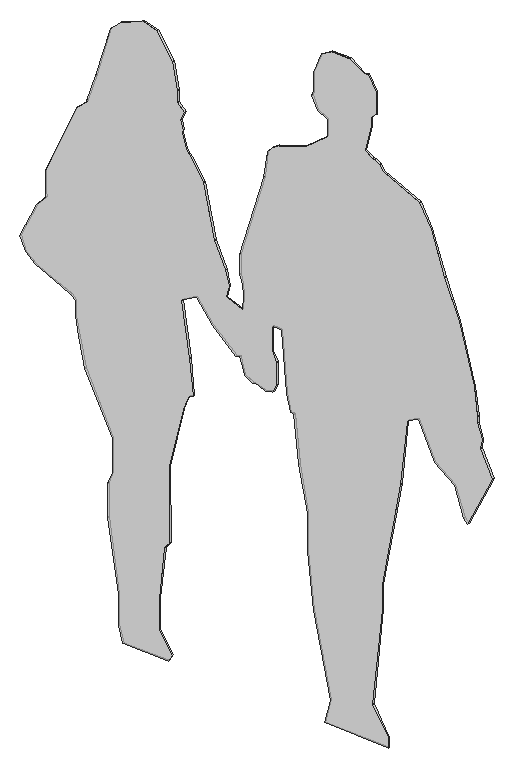
Revit family "ADSK_Антураж_ГруппаЛюдей_04", category Антураж, Revit 2019
Family settings
  На основе рабочей плоскости = Нет
  Всегда вертикально = Да
  При загрузке вырезать с полостями = Нет
  Источник визуального образа = Геометрия семейства
  Общий = Нет
  Точка расчета площади = Нет
Parameters (values of type "Тип")
  Показать чертеж [instance] = yes
  Высота = 0 mm
  Материал = Антураж
  ADSK_Версия семейства = "1.0"  # constant formula
  ADSK_Версия Revit = "v2019"  # constant formula
Reference planes
  plane 1 "Center (Front/Back)": y = 0
  plane 2: z = 0
  plane 3 "Center (Left/Right)": x = 0
  plane 4: z = 1600
Forms (mm)
  Extrusion 1, solid, material "Антураж" <- "Материал"
    sketch origin (0, 0, 0) x (1, 0, 0) y (0, 0, 1)
      loop
        line (-234.071, 0) -> (-103.268, 0) -> (-92.112, 19.322) -> (-129.3, 72.447) -> (-129.3, 153.193) -> (-113.363, 291.318) -> (-98.604, 309.031) -> (-99.55, 505.945) -> (-60.238, 669.564) -> (-45.363, 705.693) -> (-30.488, 712.064) -> (-41.113, 807.689) -> (-64.169, 950.225) -> (-21.988, 971.318) -> (24.763, 916.066) -> (91.915, 859.412) -> (103.387, 862.941) -> (107.637, 845.945) -> (116.137, 818.314) -> (140.93, 805.925) -> (148.012, 807.689) -> (177.752, 799.72) -> (199.499, 803.164) -> (210.674, 825.528) -> (210.674, 885.528) -> (197.95, 910.973) -> (197.95, 973.674) -> (222.95, 973.674) -> (238.262, 814.408) -> (249.795, 768.293) -> (260.229, 768.293) -> (274.032, 644.057) -> (298.887, 525.068) -> (298.887, 427.316) -> (315.887, 280.693) -> (364.762, 63.939) -> (348.431, 0) -> (533.431, 0) -> (533.431, 26.235) -> (488.046, 96.123) -> (516.7, 352.941) -> (516.7, 416.691) -> (569.036, 694.876) -> (588.641, 864.798) -> (619.774, 880.791) -> (666.735, 786.877) -> (724.076, 746.727) -> (751.437, 671.552) -> (763.518, 659.471) -> (835.037, 802.597) -> (800.768, 869.31) -> (805.72, 895.628) -> (792.109, 933.022) -> (792.109, 949.993) -> (781.261, 1022.316) -> (738.762, 1177.447) -> (696.262, 1277.316) -> (658.012, 1387.82) -> (624.012, 1445.189) -> (518.477, 1488.407) -> (508.567, 1503.272) -> (494.388, 1512.134) -> (488.859, 1512.134) -> (467.3, 1525.609) -> (484.824, 1591.822) -> (484.824, 1617.316) -> (498.637, 1627.941) -> (498.637, 1685.32) -> (475.262, 1723.566) -> (460.731, 1723.566) -> (422.137, 1748.001) -> (369.012, 1748.001) -> (339.262, 1729.947) -> (315.887, 1674.695) -> (315.887, 1625.814) -> (311.637, 1613.072) -> (328.637, 1579.07) -> (357.325, 1566.764) -> (357.325, 1522.877) -> (293.346, 1473.959) -> (216.013, 1449.443) -> (197.53, 1437.124) -> (184.138, 1421.822) -> (173.512, 1351.691) -> (103.387, 1128.566) -> (103.387, 1075.441) -> (110.825, 1052.064) -> (113.48, 1024.443) -> (110.32, 987.665) -> (64.744, 1003.942) -> (73.637, 1035.068) -> (63.012, 1073.314) -> (31.137, 1139.191) -> (-0.738, 1277.316) -> (-36.863, 1330.441) -> (-51.738, 1345.32) -> (-62.363, 1385.693) -> (-60.238, 1392.064) -> (-67.193, 1416.413) -> (-55.328, 1440.137) -> (-75.113, 1457.941) -> (-75.113, 1489.816) -> (-89.987, 1559.947) -> (-136.738, 1623.697) -> (-177.113, 1634.322) -> (-240.863, 1608.818) -> (-270.613, 1581.197) -> (-313.113, 1445.189) -> (-338.613, 1370.814) -> (-336.492, 1368.693) -> (-368.362, 1343.193) -> (-458.675, 1147.689) -> (-458.675, 1090.32) -> (-456.699, 1080.043) -> (-483.113, 1052.064) -> (-531.988, 954.322) -> (-517.112, 916.066) -> (-487.363, 894.816) -> (-453.189, 879.041) -> (-385.362, 852.316) -> (-372.613, 841.691) -> (-372.613, 801.318) -> (-361.988, 750.32) -> (-344.987, 675.945) -> (-265.3, 520.814) -> (-265.3, 433.697) -> (-278.05, 399.695) -> (-278.05, 312.568) -> (-248.301, 123.445) -> (-248.301, 42.689) -> (-234.071, 0)
    from 0 to 5
Lines and regions (mm)
  model lines
    curve 1: line (0, 150, 0) -> (0, -150, 0)
    curve 2: line (-150, 0, 0) -> (150, 0, 0)
Dimensions and locks
  aligned and locked: level to plane 2
